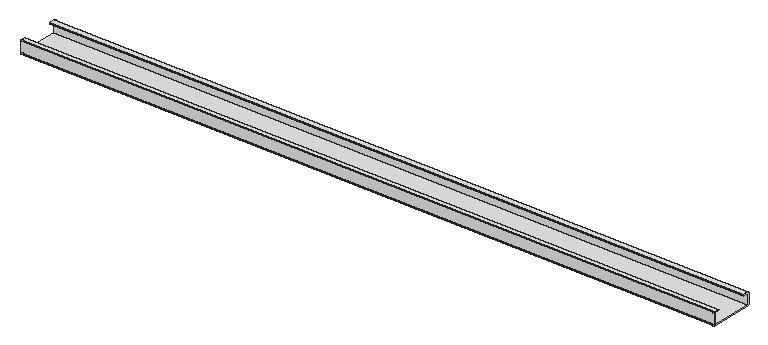
Revit family "profiles PR727 2015", category Generic Models, Revit 2015
Parameters (values of type "ISOLAMIN PR727 flashing")
  Profile Length [instance] = 1180 mm
Reference planes
  plane 1 "Center (Front/Back)": y = 0
  plane 2: z = 0
  plane 3 "Center (Left/Right)": x = 0
  plane 4: x = 1180
Forms (mm)
  Extrusion 1, solid, material "ISOLAMIN Surface Material"
    sketch origin (0, 21.546, -22.188) x (0, 1, 0) y (0, 0, 1)
      loop
        line (-22.466, 23.277) -> (-92.466, 23.277) -> (-92.466, 41.57) -> (-83.466, 41.57) -> (-83.466, 42.57) -> (-92.466, 42.57)
        arc (-92.466, 42.57) -> (-93.173, 42.277) -> (-93.466, 41.57) r 1
        line (-93.466, 41.57) -> (-93.466, 23.277)
        arc (-93.466, 23.277) -> (-93.173, 22.57) -> (-92.466, 22.277) r 1
        line (-92.466, 22.277) -> (-22.466, 22.277)
        arc (-22.466, 22.277) -> (-21.759, 22.57) -> (-21.466, 23.277) r 1
        line (-21.466, 23.277) -> (-21.466, 41.277)
        arc (-21.466, 41.277) -> (-21.759, 41.984) -> (-22.466, 42.277) r 1
        line (-22.466, 42.277) -> (-31.466, 42.277) -> (-31.466, 41.277) -> (-22.466, 41.277) -> (-22.466, 23.277)
    from 0 to 1180
Dimensions and locks
  "Profile Length": plane 3 "Center (Left/Right)" to plane 4
  aligned and locked: level to plane 2
  aligned and locked: plane 4 to Extrusion 1
Automatic sketch dimensions
  plane 1 "Center (Front/Back)" to Extrusion 1 sketch curve = 0.92 mm
  level to Extrusion 1 sketch curve = 1.089 mm
  Extrusion 1 sketch curve to Extrusion 1 sketch curve = 70 mm
  Extrusion 1 sketch curve to Extrusion 1 sketch curve = 18 mm
  Extrusion 1 sketch curve to Extrusion 1 sketch curve = 9 mm  (x2)
  Extrusion 1 sketch curve to Extrusion 1 sketch curve = 18.293 mm
  Extrusion 1 sketch curve to Extrusion 1 sketch curve = 1 mm
  Extrusion 1 sketch curve to Extrusion 1 sketch curve = 0 mm  (x8)
